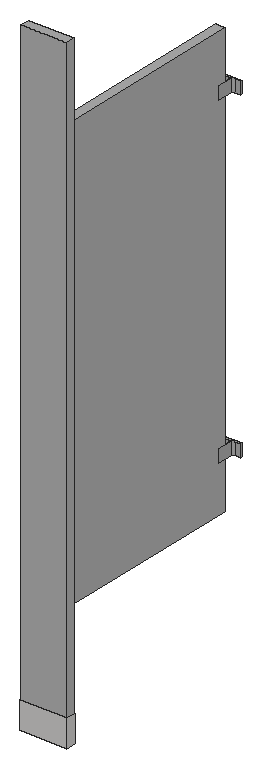
Revit family "Partition-Floor_Braced_Urinal_Screen-Bradley_Corp-Bradmar", category Specialty Equipment, Revit 2012
Parameters (values of type "23" x 48" Urinal Screen")
  Width = 23"
  Warranty Information = "Warranted 15 years, lifetime of the partition on the stainless steel hardware."
  Version = "2.0"
  URL = "http://www.bradleycorp.com"
  Type Comments = "n/a"
  Top Stirrup Bracket Distance From Floor [instance] = if(Height > 42", 53 5/16", 53 5/16")  # 53 5/16"
  Top Of Pilaster = 70"  # constant formula
  Technical Data = "n/a"
  Stirrup Brackets [instance] = not(Continuous Brackets)  # yes
  Specifications URL = "http://www.bradleycorp.com/3partspec"
  Product Tech Data URL - Spanish = ""
  Product Tech Data URL - French = ""
  Product Tech Data URL - English = "http://bradleycorp.com/download/85/9685.pdf"
  Percentage of Recycled Content = 0
  Partition Material [instance] = Plastic - Bradley Corp - Bradmar - Charcoal Gray
  OmniClass Table 23 Title = "Toilet Compartment and Urinal Screens"
  OmniClass Table 23 Number = "23.15.11.15.11"
  OmniClass Table 21 Title = "Toilet, Bath, and Laundry Accessories"
  OmniClass Table 21 Number = "21-03 10 90 40"
  Modeling Code = "n/a"
  Model = "Bradmar - Floor Braced Urinal Screen"
  Material Note = "Stainless Steel Hardware Also Available - Please See www.bradleycorp.com"
  Material = "High Density Polyethylene"
  MasterFormat Title = "Toilet Compartments"
  MasterFormat Number = "10 21 13"
  Manufacturer = "Bradley Corporation"
  LEED Credit = "n/a"
  Industry Standards = "n/a"
  Hardware Material = Metal - Bradley Corp - Aluminum
  Front Face Of Pilaster = 25 1/2"
  Fire Rating = "n/a"
  Description = "Restroom Partitions, Urinal Screen"
  Copyright = "This Model Data is Property of Bradley Corporation"
  Complies to NAFTA = "n/a"
  Center Stirrup Bracket Distance From Floor = if(Height > 42", 35 5/16", 38 5/16")  # 35 5/16"
  Buy American Act = "To Be Determined"
  Bottom Stirrup Bracket Distance From Floor [instance] = if(Height > 42", 17 5/16", 23 5/16")  # 17 5/16"
  Height = 48"
  Distance From Floor [instance] = if(Height > 42", 12", 18")  # 12"
  Continuous Brackets [instance] = no
  Bracket Offset = (Height - 41") * 0.5  # 3 1/2"
  Assembly Code = "C1010400"
  ADA Compliant = "No"  # constant formula
Types (7): name | Width | Front Face Of Pilaster | Center Stirrup Bracket Distance From Floor | Bottom Stirrup Bracket Distance From Floor | Height | Distance From Floor | Bracket Offset
  (no name) | 23" | 25 1/2" | 35 5/16" | 17 5/16" | 48" | 12" | 3 1/2"
  11" x 42" Urinal Screen | 11" | 13 1/2" | 38 5/16" | 23 5/16" | 42" | 18" | 1/2"
  17" x 42" Urinal Screen | 17" | 19 1/2" | 38 5/16" | 23 5/16" | 42" | 18" | 1/2"
  23" x 42" Urinal Screen | 23" | 25 1/2" | 38 5/16" | 23 5/16" | 42" | 18" | 1/2"
  11" x 48" Urinal Screen | 11" | 13 1/2" | 35 5/16" | 17 5/16" | 48" | 12" | 3 1/2"
  17" x 48" Urinal Screen | 17" | 19 1/2" | 35 5/16" | 17 5/16" | 48" | 12" | 3 1/2"
  23" x 48" Urinal Screen | 23" | 25 1/2" | 35 5/16" | 17 5/16" | 48" | 12" | 3 1/2"
Reference planes (in)
  plane 1 "Center (Front/Back)": y = 0
  plane 2: z = 0
  plane 3 "Center (Left/Right)": x = 0
  plane 4 "Front Face Of Pilaster": y = -25.5
  plane 5 "Top Of Pilaster": z = 70
Forms (in)
  Extrusion 1, solid, material "Plastic - Bradley Corp - Bradmar - Charcoal Gray" <- "Partition Material"
    sketch origin (-0.5, 20.69046, 0) x (0, 1, 0) y (0, 0, 1)
      loop
        line (-44.69046, 60) -> (-44.69046, 12) -> (-21.69046, 12) -> (-21.69046, 60) -> (-44.69046, 60)
    from 0 to 1
  Extrusion 2, solid, material "Plastic - Bradley Corp - Bradmar - Charcoal Gray"
    sketch origin (0, -25.5, 0) x (-1, 0, 0) y (0, 0, 1)
      loop
        line (2.5, 70) -> (-2.5, 70) -> (-2.5, 0) -> (2.5, 0) -> (2.5, 70)
    from 0 to 1
  Extrusion 3, solid, material "Metal - Bradley Corp - Stainless Steel"
    sketch origin (0, 0, 0) x (1, 0, 0) y (0, 1, 0)
      loop
        line (2.57813, -24.464) -> (-2.58671, -24.464) -> (-2.58671, -25.536) -> (2.57813, -25.536) -> (2.57813, -24.464)
    from 0 to 3
Dimensions and locks (in)
  locked: Extrusion 1 to plane 1 "Center (Front/Back)" at 1
  "Distance From Floor": level to Extrusion 1
  Extrusion 1 to plane 3 "Center (Left/Right)" to Extrusion 1 = 1/2" locked, 1/2" locked
  "Height": Extrusion 1 to Extrusion 1
  "Width": Extrusion 1 to Extrusion 1
  "Bracket Offset": Extrusion 1 to nested 1
  "Bottom Stirrup Bracket Distance From Floor": nested 2 to level
  "Top Stirrup Bracket Distance From Floor": nested 3 to level
  "Front Face Of Pilaster": plane 4 "Front Face Of Pilaster" to plane 1 "Center (Front/Back)"
  "Top Of Pilaster": plane 5 "Top Of Pilaster" to level
  locked: Extrusion 2 sketch curve to Extrusion 2 sketch curve at 5
  equal spacing: Extrusion 2 sketch curve, plane 3 "Center (Left/Right)", Extrusion 2 sketch curve
  "Bottom Stirrup Bracket Distance From Floor": nested 4 to plane 2
  "Top Stirrup Bracket Distance From Floor": nested 5 to plane 2
  "Bracket Offset": Extrusion 1 to nested 6
  locked: Extrusion 3 sketch curve to Extrusion 3 sketch curve at 1.072
  locked: Extrusion 3 sketch curve to Extrusion 3 sketch curve at 5.16483
  locked: plane 4 "Front Face Of Pilaster" to Extrusion 3 sketch curve at 0.036
  locked: Extrusion 2 to Extrusion 3 sketch curve at 0.07812
  Extrusion 3 sketch curve to Extrusion 2 = 0.08671"
  aligned and locked: plane 3 "Center (Left/Right)" to nested 1
  aligned and locked: plane 1 "Center (Front/Back)" to nested 1
  aligned and locked: plane 1 "Center (Front/Back)" to nested 2
  aligned and locked: plane 3 "Center (Left/Right)" to nested 2
  aligned and locked: plane 1 "Center (Front/Back)" to nested 3
  aligned and locked: plane 3 "Center (Left/Right)" to nested 3
  aligned and locked: level to Extrusion 2 sketch curve
  aligned and locked: Extrusion 2 sketch curve to plane 5 "Top Of Pilaster"
  aligned and locked: Extrusion 2 to nested 5
  aligned and locked: Extrusion 2 to nested 4
  aligned and locked: nested 4 to plane 3 "Center (Left/Right)"
  aligned and locked: nested 5 to plane 3 "Center (Left/Right)"
  aligned and locked: nested 6 to plane 3 "Center (Left/Right)"
  aligned and locked: Extrusion 2 to nested 6
Automatic sketch dimensions
  plane 1 "Center (Front/Back)" to Extrusion 1 sketch curve = 24"
  level to Extrusion 1 sketch curve = 12"
  Extrusion 1 sketch curve to Extrusion 1 sketch curve = 48"
  plane 1 "Center (Front/Back)" to Extrusion 1 sketch curve = 1"
Nested families (in)
  nested 1: "Continuous Brackets" at (0, 0, 11.5), visible <- "Continuous Brackets", type "Continuous Bracket"
  nested 2: "Stirrup Brackets" at (0, 0, 17.3125), visible <- "Stirrup Brackets", type "Stirrup Bracket"
  nested 3: "Stirrup Brackets" at (0, 0, 53.3125), visible <- "Stirrup Brackets", type "Stirrup Bracket"
  nested 4: "Stirrup Brackets (U)" at (0, -24.5, 17.8125) x (-1, 0, 0) z (0, 0, 1), visible <- "Stirrup Brackets", type "Parts"
    with Top Hinge yes, Stalls Depth 58 3/4", P2P Bracket no, Headrail yes, F Bracket Right yes, F Bracket Left no, Continuous P2P no, Continuous F Bracket Right no, Continous F Bracket Left no, Continous Brackets with Ears no, Continous Brackets No Ears no, Brackets No Ears yes, Bracket with Ears yes, Bottom Hinge no
  nested 5: "Stirrup Brackets (U)" at (0, -24.5, 53.8125) x (-1, 0, 0) z (0, 0, 1), visible <- "Stirrup Brackets", type "Parts"
    with Top Hinge yes, Stalls Depth 58 3/4", P2P Bracket no, Headrail yes, F Bracket Right yes, F Bracket Left no, Continuous P2P no, Continuous F Bracket Right no, Continous F Bracket Left no, Continous Brackets with Ears no, Continous Brackets No Ears no, Brackets No Ears yes, Bracket with Ears yes, Bottom Hinge no
  nested 6: "Continuous Brackets (U)" at (0, -24.5, 15.5) x (-1, 0, 0) z (0, 0, 1), visible <- "Continuous Brackets", type "Parts"
    with Top Hinge yes, Stalls Depth 58 3/4", P2P Bracket no, Headrail yes, F Bracket Right yes, F Bracket Left no, Continuous P2P no, Continuous F Bracket Right no, Continous F Bracket Left no, Continous Brackets with Ears no, Continous Brackets No Ears no, Brackets No Ears yes, Bracket with Ears yes, Bottom Hinge no
Definition of nested family "Continuous Brackets"
  Parameters (values of type "41" Continuous Bracket")
    Material = Metal - Bradley Corp - Stainless Steel
    Assembly Code = ""
  Reference planes (in)
    plane 1 "Center (Front/Back)": y = 0
    plane 2: z = 0
    plane 3 "Center (Left/Right)": x = 0
    plane 4: x = -0.5
    plane 5: x = 0.5
    plane 6: y = -1
    plane 7: y = -2
    plane 8: y = -0.1
    plane 9: y = -0.35
    plane 10 "del me": z = 0
    plane 11 "Midplane Of Bracket": z = 24.5
    plane 12 "Top Of Bracket": z = 45
    plane 13 "Bottom Of Bracket": z = 4
  Forms (in)
    Extrusion 1, solid, material "Metal - Bradley Corp - Stainless Steel" <- "Material"
      sketch origin (0, 0, 44.25) x (1, 0, 0) y (0, 1, 0)
        loop
          line (-1.5, 0) -> (-1.5, -0.1) -> (-0.85, -0.1)
          arc (-0.85, -0.1) -> (-0.67322, -0.17322) -> (-0.6, -0.35) r 0.25
          line (-0.6, -0.35) -> (-0.6, -2) -> (-0.5, -2) -> (-0.5, -0.27354) -> (0.5, -0.27354) -> (0.5, -2) -> (0.6, -2) -> (0.6, -0.35)
          arc (0.6, -0.35) -> (0.67322, -0.17322) -> (0.85, -0.1) r 0.25
          line (0.85, -0.1) -> (1.5, -0.1) -> (1.5, 0) -> (-1.5, 0)
      from 0.75 to -40.25
  Dimensions and locks (in)
    locked: plane 8 to plane 9 at 0.25
    locked: plane 6 to plane 7 at 1
    locked: Extrusion 1 to Extrusion 1 at 3
    locked: Extrusion 1 to Extrusion 1 at 1
    locked: Extrusion 1 to Extrusion 1 at 1.72646  (x2)
    locked: Extrusion 1 to Extrusion 1 at 0.1  (x4)
    locked: Extrusion 1 to Extrusion 1 at 0.65  (x2)
    locked: Extrusion 1 to Extrusion 1 at 0.27354  (x2)
    locked: Extrusion 1 to Extrusion 1 at 2
    locked: Extrusion 1 to Extrusion 1 at 0.9  (x2)
    locked: plane 12 "Top Of Bracket" to plane 13 "Bottom Of Bracket" at 41
    radius of Extrusion 1 = 1/4"  (x2)
    aligned and locked: plane 12 "Top Of Bracket" to Extrusion 1
    aligned and locked: Extrusion 1 to plane 13 "Bottom Of Bracket"
Definition of nested family "Stirrup Brackets"
  Parameters (values of type "Stirrup Bracket")
    Material = Metal - Bradley Corp - Stainless Steel
    Assembly Code = ""
  Reference planes (in)
    plane 1 "Center (Front/Back)": y = 0
    plane 2: z = 0
    plane 3 "Center (Left/Right)": x = 0
    plane 4: x = -0.5
    plane 5: x = 0.5
    plane 6: y = -1
    plane 7: y = -2
    plane 8: y = -0.1
    plane 9: y = -0.35
  Forms (in)
    Extrusion 1, solid, material "Metal - Bradley Corp - Stainless Steel" <- "Material"
      sketch origin (0, 0, -244) x (1, 0, 0) y (0, 1, 0)
        loop
          line (-1.5, 0) -> (-1.5, -0.1) -> (-0.85, -0.1)
          arc (-0.85, -0.1) -> (-0.67322, -0.17322) -> (-0.6, -0.35) r 0.25
          line (-0.6, -0.35) -> (-0.6, -2) -> (-0.5, -2) -> (-0.5, -0.27354) -> (0.5, -0.27354) -> (0.5, -2) -> (0.6, -2) -> (0.6, -0.35)
          arc (0.6, -0.35) -> (0.67322, -0.17322) -> (0.85, -0.1) r 0.25
          line (0.85, -0.1) -> (1.5, -0.1) -> (1.5, 0) -> (-1.5, 0)
      from 244 to 245.375
  Dimensions and locks (in)
    locked: plane 8 to plane 9 at 0.25
    locked: plane 6 to plane 7 at 1
    locked: Extrusion 1 to Extrusion 1 at 3
    locked: Extrusion 1 to Extrusion 1 at 1
    locked: Extrusion 1 to Extrusion 1 at 1.72646  (x2)
    locked: Extrusion 1 to Extrusion 1 at 0.1  (x4)
    locked: Extrusion 1 to Extrusion 1 at 0.65  (x2)
    locked: Extrusion 1 to Extrusion 1 at 0.27354  (x2)
    locked: Extrusion 1 to Extrusion 1 at 2
    locked: Extrusion 1 to Extrusion 1 at 0.9  (x2)
    radius of Extrusion 1 = 1/4"  (x2)
Definition of nested family "Stirrup Brackets (U)"
  Parameters (values of type "Parts")
    Top Hinge [instance] = yes
    Stalls Depth [instance] = 58 3/4"
    Parts Plastic Material = Metal - Bradley Corp - Aluminum
    Partition Parts Material = Metal - Bradley Corp - Chrome
    P2P Bracket [instance] = no
    Latch to Edge of Door Parts = 2"
    Headrail [instance] = yes
    Gap Side Walls Part = 1"
    Gap Pilaster Panel = 1/2"
    Gap Back Wall Parts = 1"
    F Bracket Right [instance] = yes
    F Bracket Left [instance] = no
    Door Gap Parts = 0.188"
    Continuous P2P [instance] = no
    Continuous F Bracket Right [instance] = no
    Continous F Bracket Left [instance] = no
    Continous Brackets with Ears [instance] = no
    Continous Brackets No Ears [instance] = no
    CALC_Half Pilaster Parts = 5/8"
    CALC_Half Panel Parts = 1/2"
    Brackets No Ears [instance] = yes
    Bracket with Ears [instance] = yes
    Bottom Hinge [instance] = no
    Assembly Code = ""
  Reference planes (in)
    plane 1 "Center (Front/Back)": y = 0
    plane 2: z = 0
    plane 3 "Center (Left/Right)": x = 0
    plane 4: y = -0.27354
    plane 5: y = -0.5
    plane 6: y = -1
    plane 7: x = -0.5
    plane 8: x = 0.5
    plane 9: x = -0.6
    plane 10: x = 0.6
    plane 11 "masks": z = 25
    plane 12 "del me": z = 0
  Forms (in)
    Extrusion 1, solid, material "Metal - Bradley Corp - Aluminum" <- "Parts Plastic Material", visible <- "Brackets No Ears"
      sketch origin (0, 0, 0) x (1, 0, 0) y (0, 1, 0)
        loop
          line (-0.6, 0) -> (-0.6, -1) -> (-0.5, -1) -> (-0.5, -0.27354) -> (0.5, -0.27354) -> (0.5, -1) -> (0.6, -1) -> (0.6, 0) -> (-0.6, 0)
      from 0.5 to -0.5
  Dimensions and locks (in)
    "Gap Pilaster Panel": plane 5 to plane 1 "Center (Front/Back)"
    "Gap Pilaster Panel": plane 5 to plane 6
    locked: plane 4 to plane 1 "Center (Front/Back)" at 0.27354
    "CALC_Half Panel Parts": plane 7 to plane 3 "Center (Left/Right)"
    "CALC_Half Panel Parts": plane 3 "Center (Left/Right)" to plane 8
    locked: plane 9 to plane 7 at 0.1
    locked: plane 8 to plane 10 at 0.1
    aligned and locked: Extrusion 1 sketch curve to plane 9
    aligned and locked: plane 10 to Extrusion 1 sketch curve
    aligned and locked: plane 8 to Extrusion 1 sketch curve
    aligned and locked: plane 7 to Extrusion 1 sketch curve
    aligned and locked: Extrusion 1 sketch curve to plane 4
  Automatic sketch dimensions
    Extrusion 1 sketch curve to plane 6 = 0"  (x2)
    Extrusion 1 sketch curve to plane 1 "Center (Front/Back)" = 0"
Definition of nested family "Continuous Brackets (U)"
  Parameters (values of type "Parts")
    Top Hinge [instance] = yes
    Stalls Depth [instance] = 58 3/4"
    Parts Plastic Material = Metal - Bradley Corp - Aluminum
    Partition Parts Material = Metal - Bradley Corp - Stainless Steel
    P2P Bracket [instance] = no
    Latch to Edge of Door Parts = 2"
    Headrail [instance] = yes
    Gap Side Walls Part = 1"
    Gap Pilaster Panel = 1/2"
    Gap Back Wall Parts = 1"
    F Bracket Right [instance] = yes
    F Bracket Left [instance] = no
    Door Gap Parts = 0.188"
    Continuous P2P [instance] = no
    Continuous F Bracket Right [instance] = no
    Continous F Bracket Left [instance] = no
    Continous Brackets with Ears [instance] = no
    Continous Brackets No Ears [instance] = no
    CALC_Half Pilaster Parts = 5/8"
    CALC_Half Panel Parts = 1/2"
    Brackets No Ears [instance] = yes
    Bracket with Ears [instance] = yes
    Bottom Hinge [instance] = no
    Assembly Code = ""
  Reference planes (in)
    plane 1 "Center (Front/Back)": y = 0
    plane 2: z = 0
    plane 3 "Center (Left/Right)": x = 0
    plane 4: y = -0.27354
    plane 5: y = -0.5
    plane 6: y = -1
    plane 7: x = -0.5
    plane 8: x = 0.5
    plane 9: x = -0.6
    plane 10: x = 0.6
    plane 11 "masks": z = 25
    plane 12 "del me": z = 0
  Forms (in)
    Extrusion 1, solid, material "Metal - Bradley Corp - Aluminum" <- "Parts Plastic Material", visible <- "Brackets No Ears"
      sketch origin (0, 0, 0) x (1, 0, 0) y (0, 1, 0)
        loop
          line (-0.6, 0) -> (-0.6, -1) -> (-0.5, -1) -> (-0.5, -0.27354) -> (0.5, -0.27354) -> (0.5, -1) -> (0.6, -1) -> (0.6, 0) -> (-0.6, 0)
      from 41 to 0
  Dimensions and locks (in)
    "Gap Pilaster Panel": plane 5 to plane 1 "Center (Front/Back)"
    "Gap Pilaster Panel": plane 5 to plane 6
    locked: plane 4 to plane 1 "Center (Front/Back)" at 0.27354
    "CALC_Half Panel Parts": plane 7 to plane 3 "Center (Left/Right)"
    "CALC_Half Panel Parts": plane 3 "Center (Left/Right)" to plane 8
    locked: plane 9 to plane 7 at 0.1
    locked: plane 8 to plane 10 at 0.1
    aligned and locked: Extrusion 1 sketch curve to plane 9
    aligned and locked: plane 10 to Extrusion 1 sketch curve
    aligned and locked: plane 8 to Extrusion 1 sketch curve
    aligned and locked: plane 7 to Extrusion 1 sketch curve
    aligned and locked: Extrusion 1 sketch curve to plane 4
  Automatic sketch dimensions
    Extrusion 1 sketch curve to plane 6 = 0"  (x2)
    Extrusion 1 sketch curve to plane 1 "Center (Front/Back)" = 0"
